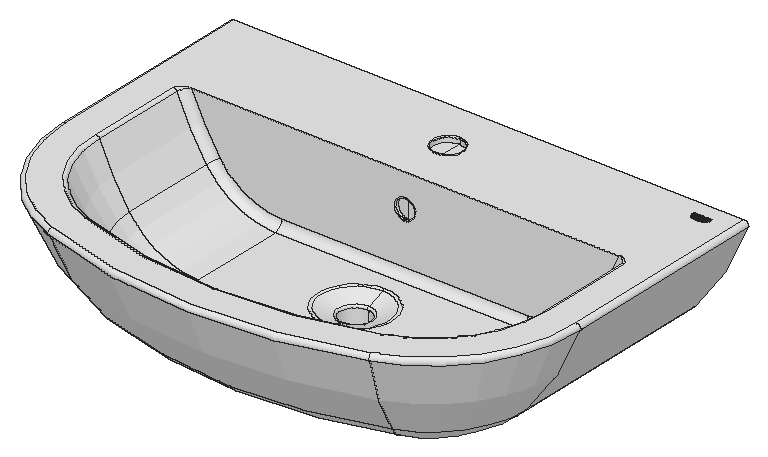
Revit family "PlumbingFixture_GroheLimited_BauCeramicWashBasin60_39421000_METRICa", category Plumbing Fixtures, Revit 2015
Parameters (values of type "39421000")
  _DistributedBy = "www.bimstore.co.uk"
  _CurrentRevision = 1
  _CreatedBy = "www.bimstore.co.uk"
  _BimSpecGuid = 0
  _BSBibleVersion = 14
  _AuthorizedBy = "Kris Atkinson"
  _Author = "Ian Holmes"
  Waste Connection = yes
  WarrantyStartDate [instance] = "Please Record On Commissioning."
  WarrantyGuarantorParts = "info-uk@grohe.com"
  WarrantyGuarantorLabor = "info-uk@grohe.com"
  WarrantyDurationUnit = "Years"
  WarrantyDurationParts = "n/a"
  WarrantyDurationLabor = "n/a"
  WarrantyDescription = "n/a"
  WFU = 0
  Vent Connection = no
  URL = "www.grohe.com"
  TypeName = "Bau Ceramic Wash Basin 60"
  Type Comments = "39421000"
  SpareParts = "n/a"
  Size = "n/a"
  Shape = "n/a"
  SerialNumber [instance] = "Please Record On Commissioning."
  ReplacementCost = "n/a"
  ReferencedStandard = "n/a"
  ProductionYear = "2017"
  ProductPageURL = "https://www.grohe.co.uk/en_gb/wash-basin-60-39421000.html"
  ProductDocumentationLink = "https://www.grohe.co.uk/en_gb/wash-basin-60-39421000.html"
  PrimaryMaterial = Ceramic, White
  PercentageOfRecycledContent = "n/a"
  OffsetFromLevel [instance] = 800 mm
  NominalLength = 0 mm
  NominalHeight = 0 mm
  NominalDepth = 0 mm
  NBSReference = "45-35-70/340"
  NBSOfficeMasterTag = "n/a"
  NBSObjectName = "Grohe Limited -  Ceramic sinks"
  NBSNote = ""
  NBSDescription = "Ceramic sinks"
  ModelReference = "Bau Ceramic Wash Basin 60"
  ModelNumber = "39421000"
  Model = "Bau Ceramic Wash Basin 60"
  Material = "Ceramic"
  MasterformatTitle = "Sanitary Facilities"
  MasterformatNumber = "01 52 19"
  ManufacturerName = "Grohe Limited"
  Manufacturer = "Grohe Limited"
  LowEmittingMaterial = no
  LEEDCredit = "n/a"
  Keynote = "N13"
  InstallationDate [instance] = "Please Record On Commissioning."
  IndustryStandards = "n/a"
  IfcExportType = "IfcPipeFittingType"
  IfcExportAs = "IfcPipeFitting"
  HotWaterConnectionDiameter = 10 mm
  HWFU = 4.5
  HW Connection = no
  Grade = "n/a"
  Finish = "Ceramic"
  Features = "wall hung. 1 hole punched. 609 x 442 mm. with overflow. vitreous China."
  ExpectedLife = 0
  Ecojoy = no
  DurationUnit = "Years"
  DocumentationTechnical = "n/a"
  DocumentationMaintenance = "n/a"
  DocumentationLiterature = "n/a"
  DocumentationInstallationGuide = "n/a"
  DocumentationCertificates = "n/a"
  Description = "wall hung. 1 hole punched. 609 x 442 mm. with overflow. vitreous China."
  CreatedOn = "2017-07-01T09:00:00"
  CreatedBy = "info-uk@grohe.com"
  Cost = 0
  Constituents = "n/a"
  Color = "White"
  ColdWaterConnectionDiameter = 10 mm
  CodePerformance = "n/a"
  ClassificationValue = "Pr_40_20_96_15"
  ClassificationName = "Uniclass2015"
  CWFU = 4.5
  CW Connection = no
  BarCode [instance] = "Please Record On Commissioning."
  BIMObjectName = "PlumbingFixture_GroheLimited_BauCeramicWashBasin60_39421000_METRIC"
  AssetType = "Fixed"
  AssetIdentifier [instance] = "Please Record On Commissioning."
  Assembly Code = "D2010"
  AccessibilityPerformance = "n/a"
  ADACompliant = no
Reference planes
  plane 1 "Center (Front/Back)": y = 0
  plane 2: z = 0
  plane 3 "Center (Left/Right)": x = 0
  plane 4 "OffsetFromLevel": z = 800
  plane 5: z = 621.841
  plane 6: y = -199.025
Lines and regions (mm)
  reference lines, not visible
    curve 1: line (0, -199.025, 800) -> (0, -199.025, 621.841)
Dimensions and locks
  "OffsetFromLevel": plane 4 "OffsetFromLevel" to plane 2
  locked: plane 4 "OffsetFromLevel" to plane 5 at 178.159
  locked: plane 1 "Center (Front/Back)" to plane 6 at 199.025
  aligned and locked: level to plane 2
  aligned and locked: plane 1 "Center (Front/Back)" to nested 1
  aligned and locked: plane 3 "Center (Left/Right)" to nested 1
  aligned and locked: nested 1 to plane 4 "OffsetFromLevel"
  aligned and locked: plane 5 to curve 1
  aligned and locked: plane 4 "OffsetFromLevel" to curve 1
  aligned and locked: curve 1 to plane 3 "Center (Left/Right)"
Nested families
  nested 1: "39421000" at (0, 0, 800), type "39421000"
Connectors
  piping at (0, -199.025, 621.841), diameter 46
    settings: on curve 1, index 1, connector inside diameter 609.6 mm, connector length 0 mm, flow factor 0, pipe flow 0.0 L/s, pressure drop 0.0 Pa, fitting loss kfactor 0, connector angle 0.00°, fixture units 0, engagement length 0 mm, angle of deflection 0.00°, flow configuration 0, flow direction 2, fitting loss method 0, system type 16, joint type 0, gender type 0, connector reference index -1, connector utility 0, adjustable connector no, is connector primary yes, connector description ""
Definition of nested family "39421000"
  Parameters (values of type "39421000")
    Waste Connection = yes
    WFU = 0
    Vent Connection = no
    URL = "www.grohe.com"
    Type Comments = "39421000"
    PrimaryMaterial = none
    Model = "Bau Ceramic Wash Basin 60"
    Manufacturer = "Grohe Limited"
    Keynote = "N13"
    HWFU = 4.5
    HW Connection = no
    Description = "wall hung. 1 hole punched. 609 x 442 mm. with overflow. vitreous China."
    Cost = 0
    CWFU = 4.5
    CW Connection = no
    Assembly Code = "D2010"
  Reference planes
    plane 1 "Center (Front/Back)": y = 0
    plane 2: z = 0
    plane 3 "Center (Left/Right)": x = 0
  Forms (mm)
    Sweep 1, solid, material <- "PrimaryMaterial"
      path in 3D
        loop
          line (305.857, 0, 0) -> (305.857, -249.889, 0)
          arc (305.857, -249.889, 0) -> (274.047, -350.494, 0) -> (190.183, -414.526, 0) r 175
          arc (190.183, -414.526, 0) -> (0, -447.746, 0) -> (-190.183, -414.526, 0) r 560.999
          arc (-190.183, -414.526, 0) -> (-274.047, -350.494, 0) -> (-305.857, -249.889, 0) r 175
          line (-305.857, -249.889, 0) -> (-305.857, 0, 0)
      profile origin (-305.857, -124.944, 0) x (-1, 0, 0) y (0, 0, 1)
        loop
          line (-159.354, -144.723) -> (-131.656, -144.723)
          arc (-131.656, -144.723) -> (-92.752, -136.392) -> (-60.671, -112.859) r 95
          arc (-60.671, -112.859) -> (-23.979, -62.786) -> (2.647, -6.709) r 328.764
          arc (2.647, -6.709) -> (2.043, -2.131) -> (-2.052, 0) r 5
          line (-2.052, 0) -> (-37.072, 0)
          arc (-37.072, 0) -> (-39.861, -0.85) -> (-41.702, -3.111) r 5
          arc (-41.702, -3.111) -> (-57.577, -36.724) -> (-76.971, -68.438) r 345.61
          arc (-76.971, -68.438) -> (-112.816, -100.265) -> (-159.354, -111.754) r 100
          line (-159.354, -111.754) -> (-159.354, -144.723)
    Extrusion 2, solid, material <- "PrimaryMaterial"
      sketch origin (0, 0, 0) x (1, 0, 0) y (0, 1, 0)
        loop
          arc (-136.161, -264.608) -> (0, -288.392) -> (136.161, -264.608) r 401.645
          arc (136.161, -264.608) -> (143.659, -258.883) -> (146.503, -249.889) r 15.646
          line (146.503, -249.889) -> (146.503, 0) -> (-146.503, 0) -> (-146.503, -249.889)
          arc (-146.503, -249.889) -> (-143.659, -258.883) -> (-136.161, -264.608) r 15.646
      from -144.723 to -111.754
    Sweep 3, solid, material <- "PrimaryMaterial"
      path origin (0, 0, 0) x (1, 0, 0) y (0, 0, 1)
        loop
          line (303.805, 0) -> (268.785, 0)
          arc (268.785, 0) -> (265.996, -0.85) -> (264.155, -3.111) r 5
          arc (264.155, -3.111) -> (248.28, -36.724) -> (228.886, -68.438) r 345.61
          arc (228.886, -68.438) -> (193.041, -100.265) -> (146.503, -111.754) r 100
          line (146.503, -111.754) -> (-146.503, -111.754)
          arc (-146.503, -111.754) -> (-193.041, -100.265) -> (-228.886, -68.438) r 100
          arc (-228.886, -68.438) -> (-248.28, -36.724) -> (-264.155, -3.111) r 345.61
          arc (-264.155, -3.111) -> (-265.996, -0.85) -> (-268.785, 0) r 5
          line (-268.785, 0) -> (-303.805, 0)
      profile origin (0, 0, -111.754) x (0, 0, -1) y (0, -1, 0)
        loop
          line (0, 0) -> (0, 135)
          arc (0, 135) -> (-2.929, 127.929) -> (-10, 125) r 10
          line (-10, 125) -> (-25, 125) -> (-25, 0) -> (0, 0)
    Extrusion 4, void
      sketch origin (0, 0, 0) x (0, 1, 0) y (0, 0, 1)
        loop
          line (45, 0) -> (45, 50) -> (-155, 50) -> (-155, 0) -> (45, 0)
      from -332.79 to 312.466
    Extrusion 5, solid, material <- "PrimaryMaterial"
      sketch origin (0, 0, 0) x (1, 0, 0) y (0, 0, 1)
        loop
          arc (146.503, -86.754) -> (181.407, -78.137) -> (208.29, -54.267) r 75
          arc (208.29, -54.267) -> (224.632, -27.862) -> (238.344, 0) r 320.61
          line (238.344, 0) -> (-238.344, 0)
          arc (-238.344, 0) -> (-224.632, -27.862) -> (-208.29, -54.267) r 320.61
          arc (-208.29, -54.267) -> (-181.407, -78.137) -> (-146.503, -86.754) r 75
          line (-146.503, -86.754) -> (146.503, -86.754)
      from 0 to 125
    Revolve 6, void
      sketch origin (0, 0, 0) x (0, 1, 0) y (0, 0, 1)
        loop
          line (-43.836, -6.161) -> (-43.836, -0.8)
          arc (-43.836, -0.8) -> (-43.602, -0.234) -> (-43.036, 0) r 0.8
          line (-43.036, 0) -> (-61.336, 0) -> (-61.336, -6.161) -> (-43.836, -6.161)
        axis (-61.336, -6.161) -> (-61.336, 0)
      angle from 0 to 360
    Revolve 7, void
      sketch origin (0, 0, 0) x (0, 1, 0) y (0, 0, 1)
        loop
          line (-121.021, -28.603) -> (-124.2, -28.603)
          arc (-124.2, -28.603) -> (-124.766, -28.369) -> (-125, -27.803) r 0.8
          line (-125, -27.803) -> (-125, -40.103) -> (-121.021, -40.103) -> (-121.021, -28.603)
        axis (-125, -40.103) -> (-121.021, -40.103)
      angle from 0 to 360
    Revolve 8, solid, material <- "PrimaryMaterial"
      sketch origin (0, 0, 0) x (0, 1, 0) y (0, 0, 1)
        loop
          line (-178.025, -137.052) -> (-199.025, -137.052) -> (-199.025, -178.159) -> (-181.025, -178.159)
          arc (-181.025, -178.159) -> (-178.904, -177.28) -> (-178.025, -175.159) r 3
          line (-178.025, -175.159) -> (-178.025, -137.052)
        axis (-199.025, -137.052) -> (-199.025, -178.159)
      angle from 0 to 360
    Revolve 9, void
      sketch origin (0, 0, 0) x (0, 1, 0) y (0, 0, 1)
        loop
          line (-199.025, -111.754) -> (-199.025, -178.159) -> (-181.025, -178.159) -> (-181.025, -122.9)
          arc (-181.025, -122.9) -> (-180.493, -121.193) -> (-179.084, -120.093) r 3
          line (-179.084, -120.093) -> (-158.672, -112.397)
          arc (-158.672, -112.397) -> (-156.938, -111.916) -> (-155.145, -111.754) r 10
          line (-155.145, -111.754) -> (-199.025, -111.754)
        axis (-199.025, -111.754) -> (-199.025, -178.159)
      angle from 0 to 360
    Extrusion 10, void
      sketch origin (343.714, -105.87, -162.342) x (0, 1, 0) y (-1, 0, 0)
        loop
          spline (87.555, 81.289) -> (87.887, 82.628) -> (87.745, 83.695) -> (87.295, 84.469) -> (86.699, 84.932) -> (86.051, 85.104) -> (85.409, 85.033) -> (84.827, 84.764) -> (84.353, 84.331) -> (84.021, 83.74) -> (83.863, 82.996) -> (83.936, 82.119) -> (84.344, 81.161)
          line (84.344, 81.161) -> (85.87, 81.161) -> (85.87, 82.167) -> (84.746, 82.167)
          spline (84.746, 82.167) -> (84.504, 82.743) -> (84.528, 83.242) -> (84.755, 83.645) -> (85.125, 83.934) -> (85.576, 84.093) -> (86.047, 84.102) -> (86.482, 83.954) -> (86.841, 83.659) -> (87.086, 83.231) -> (87.178, 82.684) -> (87.081, 82.032) -> (86.755, 81.289)
          line (86.755, 81.289) -> (87.555, 81.289)
        loop
          line (83.951, 80.338) -> (83.951, 79.329) -> (87.024, 79.329)
          spline (87.024, 79.329) -> (87.029, 79.038) -> (87.035, 78.793) -> (87.026, 78.589) -> (86.985, 78.42) -> (86.897, 78.281) -> (86.748, 78.169) -> (86.552, 78.097) -> (86.337, 78.089) -> (86.129, 78.171) -> (85.958, 78.365) -> (85.851, 78.696) -> (85.837, 79.188)
          line (85.837, 79.188) -> (83.951, 77.819) -> (83.951, 76.51) -> (85.511, 77.819)
          arc (85.511, 77.819) -> (86.802, 77.083) -> (87.755, 78.223) r 1.158
          line (87.755, 78.223) -> (87.755, 80.338) -> (83.951, 80.338)
        loop
          spline (83.801, 74.144) -> (83.871, 73.536) -> (84.074, 72.97) -> (84.398, 72.483) -> (84.819, 72.11) -> (85.311, 71.875) -> (85.838, 71.795) -> (86.365, 71.875) -> (86.856, 72.11) -> (87.278, 72.483) -> (87.601, 72.97) -> (87.805, 73.536) -> (87.874, 74.144)
          spline (87.874, 74.144) -> (87.805, 74.752) -> (87.601, 75.319) -> (87.278, 75.805) -> (86.856, 76.179) -> (86.365, 76.413) -> (85.838, 76.493) -> (85.311, 76.413) -> (84.819, 76.179) -> (84.398, 75.805) -> (84.074, 75.319) -> (83.871, 74.752) -> (83.801, 74.144)
        loop
          spline (84.492, 74.144) -> (84.538, 73.81) -> (84.673, 73.498) -> (84.886, 73.23) -> (85.165, 73.025) -> (85.489, 72.896) -> (85.838, 72.851) -> (86.186, 72.896) -> (86.51, 73.025) -> (86.789, 73.23) -> (87.003, 73.498) -> (87.137, 73.81) -> (87.183, 74.144)
          spline (87.183, 74.144) -> (87.137, 74.479) -> (87.003, 74.791) -> (86.789, 75.059) -> (86.51, 75.264) -> (86.186, 75.393) -> (85.838, 75.437) -> (85.489, 75.393) -> (85.165, 75.264) -> (84.886, 75.059) -> (84.673, 74.791) -> (84.538, 74.479) -> (84.492, 74.144)
        loop
          line (83.95, 71.102) -> (83.95, 70.1) -> (85.811, 70.1) -> (85.811, 68.368) -> (83.95, 68.368) -> (83.95, 67.366) -> (87.982, 67.366) -> (87.982, 68.368) -> (86.592, 68.368) -> (86.592, 70.1) -> (87.982, 70.1) -> (87.982, 71.102) -> (83.95, 71.102)
        loop
          line (83.95, 66.313) -> (83.95, 63.467) -> (84.782, 63.467) -> (84.782, 65.311) -> (85.582, 65.311) -> (85.582, 63.967) -> (86.382, 63.967) -> (86.382, 65.311) -> (87.182, 65.311) -> (87.182, 63.682) -> (87.982, 63.682) -> (87.982, 66.313) -> (83.95, 66.313)
        loop
          arc (82.595, 81.499) -> (82.17, 82.773) -> (82.083, 84.113) r 5.216
          line (82.083, 84.113) -> (81.375, 83.598)
          arc (81.375, 83.598) -> (81.543, 82.365) -> (81.965, 81.194) r 5.916
          arc (81.965, 81.194) -> (82.476, 78.968) -> (81.965, 76.743) r 5.1
          arc (81.965, 76.743) -> (81.372, 74.162) -> (81.965, 71.581) r 5.916
          arc (81.965, 71.581) -> (82.476, 69.355) -> (81.965, 67.13) r 5.1
          arc (81.965, 67.13) -> (81.543, 65.959) -> (81.375, 64.726) r 5.916
          line (81.375, 64.726) -> (82.083, 64.211)
          arc (82.083, 64.211) -> (82.17, 65.551) -> (82.595, 66.824) r 5.216
          arc (82.595, 66.824) -> (83.176, 69.355) -> (82.595, 71.886) r 5.8
          arc (82.595, 71.886) -> (82.072, 74.162) -> (82.595, 76.438) r 5.216
          arc (82.595, 76.438) -> (83.176, 78.968) -> (82.595, 81.499) r 5.8
        loop
          arc (81.095, 66.824) -> (81.676, 69.355) -> (81.095, 71.886) r 5.8
          arc (81.095, 71.886) -> (80.572, 74.162) -> (81.095, 76.438) r 5.216
          arc (81.095, 76.438) -> (81.676, 78.968) -> (81.095, 81.499) r 5.8
          arc (81.095, 81.499) -> (80.853, 82.087) -> (80.684, 82.7) r 5.216
          line (80.684, 82.7) -> (80.154, 81.971)
          arc (80.154, 81.971) -> (80.296, 81.577) -> (80.465, 81.194) r 5.916
          arc (80.465, 81.194) -> (80.976, 78.968) -> (80.465, 76.743) r 5.1
          arc (80.465, 76.743) -> (79.872, 74.162) -> (80.465, 71.581) r 5.916
          arc (80.465, 71.581) -> (80.976, 69.355) -> (80.465, 67.13) r 5.1
          arc (80.465, 67.13) -> (80.296, 66.747) -> (80.154, 66.353) r 5.916
          line (80.154, 66.353) -> (80.684, 65.624)
          arc (80.684, 65.624) -> (80.853, 66.237) -> (81.095, 66.824) r 5.216
        loop
          line (79.776, 81.084) -> (79.321, 80.217)
          arc (79.321, 80.217) -> (79.45, 78.449) -> (78.965, 76.743) r 5.1
          arc (78.965, 76.743) -> (78.372, 74.162) -> (78.965, 71.581) r 5.916
          arc (78.965, 71.581) -> (79.45, 69.875) -> (79.321, 68.107) r 5.1
          line (79.321, 68.107) -> (79.776, 67.239)
          arc (79.776, 67.239) -> (80.172, 69.582) -> (79.595, 71.886) r 5.8
          arc (79.595, 71.886) -> (79.072, 74.162) -> (79.595, 76.438) r 5.216
          arc (79.595, 76.438) -> (80.172, 78.742) -> (79.776, 81.084) r 5.8
      from 160.643 to 162.342
    Extrusion 11, solid
      sketch origin (77.489, 0, -162.342) x (1, 0, 0) y (0, 1, 0)
        loop
          spline (184.936, -18.315) -> (183.597, -17.984) -> (182.53, -18.126) -> (181.756, -18.575) -> (181.293, -19.172) -> (181.121, -19.819) -> (181.192, -20.461) -> (181.461, -21.043) -> (181.894, -21.517) -> (182.485, -21.849) -> (183.229, -22.007) -> (184.106, -21.934) -> (185.064, -21.526)
          line (185.064, -21.526) -> (185.064, -20) -> (184.058, -20) -> (184.058, -21.124)
          spline (184.058, -21.124) -> (183.482, -21.366) -> (182.983, -21.343) -> (182.58, -21.115) -> (182.29, -20.745) -> (182.132, -20.294) -> (182.123, -19.824) -> (182.271, -19.389) -> (182.566, -19.03) -> (182.994, -18.785) -> (183.541, -18.692) -> (184.193, -18.789) -> (184.936, -19.115)
          line (184.936, -19.115) -> (184.936, -18.315)
        loop
          line (185.887, -21.919) -> (186.896, -21.919) -> (186.896, -18.847)
          spline (186.896, -18.847) -> (187.187, -18.841) -> (187.432, -18.835) -> (187.636, -18.845) -> (187.805, -18.886) -> (187.943, -18.974) -> (188.056, -19.122) -> (188.128, -19.318) -> (188.135, -19.534) -> (188.054, -19.741) -> (187.86, -19.912) -> (187.529, -20.019) -> (187.037, -20.034)
          line (187.037, -20.034) -> (188.406, -21.919) -> (189.715, -21.919) -> (188.406, -20.359)
          arc (188.406, -20.359) -> (189.142, -19.069) -> (188.002, -18.116) r 1.158
          line (188.002, -18.116) -> (185.887, -18.116) -> (185.887, -21.919)
        loop
          spline (192.081, -22.069) -> (192.689, -22) -> (193.255, -21.796) -> (193.742, -21.473) -> (194.115, -21.051) -> (194.35, -20.56) -> (194.43, -20.033) -> (194.35, -19.506) -> (194.115, -19.014) -> (193.742, -18.593) -> (193.255, -18.269) -> (192.689, -18.066) -> (192.081, -17.996)
          spline (192.081, -17.996) -> (191.473, -18.066) -> (190.906, -18.269) -> (190.42, -18.593) -> (190.046, -19.014) -> (189.812, -19.506) -> (189.732, -20.033) -> (189.812, -20.56) -> (190.046, -21.051) -> (190.42, -21.473) -> (190.906, -21.796) -> (191.473, -22) -> (192.081, -22.069)
        loop
          spline (192.081, -21.378) -> (192.415, -21.332) -> (192.727, -21.198) -> (192.995, -20.984) -> (193.2, -20.705) -> (193.329, -20.381) -> (193.374, -20.033) -> (193.329, -19.684) -> (193.2, -19.36) -> (192.995, -19.081) -> (192.727, -18.868) -> (192.415, -18.733) -> (192.081, -18.687)
          spline (192.081, -18.687) -> (191.746, -18.733) -> (191.434, -18.868) -> (191.166, -19.081) -> (190.961, -19.36) -> (190.832, -19.684) -> (190.788, -20.033) -> (190.832, -20.381) -> (190.961, -20.705) -> (191.166, -20.984) -> (191.434, -21.198) -> (191.746, -21.332) -> (192.081, -21.378)
        loop
          line (195.123, -21.92) -> (196.125, -21.92) -> (196.125, -20.059) -> (197.857, -20.059) -> (197.857, -21.92) -> (198.859, -21.92) -> (198.859, -17.888) -> (197.857, -17.888) -> (197.857, -19.278) -> (196.125, -19.278) -> (196.125, -17.888) -> (195.123, -17.888) -> (195.123, -21.92)
        loop
          line (199.912, -21.92) -> (202.757, -21.92) -> (202.757, -21.088) -> (200.914, -21.088) -> (200.914, -20.288) -> (202.258, -20.288) -> (202.258, -19.488) -> (200.914, -19.488) -> (200.914, -18.688) -> (202.543, -18.688) -> (202.543, -17.888) -> (199.912, -17.888) -> (199.912, -21.92)
        loop
          arc (184.726, -23.275) -> (183.452, -23.701) -> (182.112, -23.787) r 5.216
          line (182.112, -23.787) -> (182.627, -24.495)
          arc (182.627, -24.495) -> (183.86, -24.328) -> (185.031, -23.905) r 5.916
          arc (185.031, -23.905) -> (187.256, -23.394) -> (189.482, -23.905) r 5.1
          arc (189.482, -23.905) -> (192.063, -24.498) -> (194.644, -23.905) r 5.916
          arc (194.644, -23.905) -> (196.87, -23.394) -> (199.095, -23.905) r 5.1
          arc (199.095, -23.905) -> (200.266, -24.328) -> (201.499, -24.495) r 5.916
          line (201.499, -24.495) -> (202.014, -23.787)
          arc (202.014, -23.787) -> (200.674, -23.701) -> (199.4, -23.275) r 5.216
          arc (199.4, -23.275) -> (196.87, -22.694) -> (194.339, -23.275) r 5.8
          arc (194.339, -23.275) -> (192.063, -23.798) -> (189.787, -23.275) r 5.216
          arc (189.787, -23.275) -> (187.256, -22.694) -> (184.726, -23.275) r 5.8
        loop
          arc (199.4, -24.775) -> (196.87, -24.194) -> (194.339, -24.775) r 5.8
          arc (194.339, -24.775) -> (192.063, -25.298) -> (189.787, -24.775) r 5.216
          arc (189.787, -24.775) -> (187.256, -24.194) -> (184.726, -24.775) r 5.8
          arc (184.726, -24.775) -> (184.138, -25.017) -> (183.525, -25.186) r 5.216
          line (183.525, -25.186) -> (184.254, -25.716)
          arc (184.254, -25.716) -> (184.648, -25.574) -> (185.031, -25.405) r 5.916
          arc (185.031, -25.405) -> (187.256, -24.894) -> (189.482, -25.405) r 5.1
          arc (189.482, -25.405) -> (192.063, -25.998) -> (194.644, -25.405) r 5.916
          arc (194.644, -25.405) -> (196.87, -24.894) -> (199.095, -25.405) r 5.1
          arc (199.095, -25.405) -> (199.478, -25.574) -> (199.872, -25.716) r 5.916
          line (199.872, -25.716) -> (200.601, -25.186)
          arc (200.601, -25.186) -> (199.988, -25.017) -> (199.4, -24.775) r 5.216
        loop
          line (185.14, -26.094) -> (186.008, -26.549)
          arc (186.008, -26.549) -> (187.776, -26.421) -> (189.482, -26.905) r 5.1
          arc (189.482, -26.905) -> (192.063, -27.498) -> (194.644, -26.905) r 5.916
          arc (194.644, -26.905) -> (196.35, -26.421) -> (198.118, -26.549) r 5.1
          line (198.118, -26.549) -> (198.986, -26.094)
          arc (198.986, -26.094) -> (196.643, -25.699) -> (194.339, -26.275) r 5.8
          arc (194.339, -26.275) -> (192.063, -26.798) -> (189.787, -26.275) r 5.216
          arc (189.787, -26.275) -> (187.483, -25.699) -> (185.14, -26.094) r 5.8
      from 162.342 to 160.643
  Cuts and joins
    Extrusion 10 cuts Sweep 1
    Revolve 9, Extrusion 10 cuts Extrusion 2
    Extrusion 4, Extrusion 10 cuts Sweep 3
    Revolve 6, Revolve 7, Extrusion 10 cuts Extrusion 5
    Revolve 9, Extrusion 10 cuts Revolve 8
    joined: Sweep 1, Extrusion 2, Sweep 3, Extrusion 5, Revolve 8
  Lines and regions (mm)
    reference lines
      curve 1: line (-305.857, -249.889, 0) -> (-305.857, 0, 0)
      curve 2: line (305.857, -249.889, 0) -> (305.857, 0, 0)
      curve 3: arc (-190.183, -414.526, 0) -> (0, -447.746, 0) -> (190.183, -414.526, 0) r 560.999
      curve 4: arc (-305.857, -249.889, 0) -> (-274.047, -350.494, 0) -> (-190.183, -414.526, 0) r 175
      curve 5: arc (190.183, -414.526, 0) -> (274.047, -350.494, 0) -> (305.857, -249.889, 0) r 175
    sketch lines
      curve 6: line (-305.857, -249.889, 0) -> (-305.857, 0, 0)
      curve 7: arc (-305.857, -249.889, 0) -> (-274.047, -350.494, 0) -> (-190.183, -414.526, 0) r 175
      curve 8: arc (-190.183, -414.526, 0) -> (0, -447.746, 0) -> (190.183, -414.526, 0) r 560.999
      curve 9: arc (190.183, -414.526, 0) -> (274.047, -350.494, 0) -> (305.857, -249.889, 0) r 175
      curve 10: line (305.857, -249.889, 0) -> (305.857, 0, 0)
  Dimensions and locks
    aligned and locked: level to plane 2
